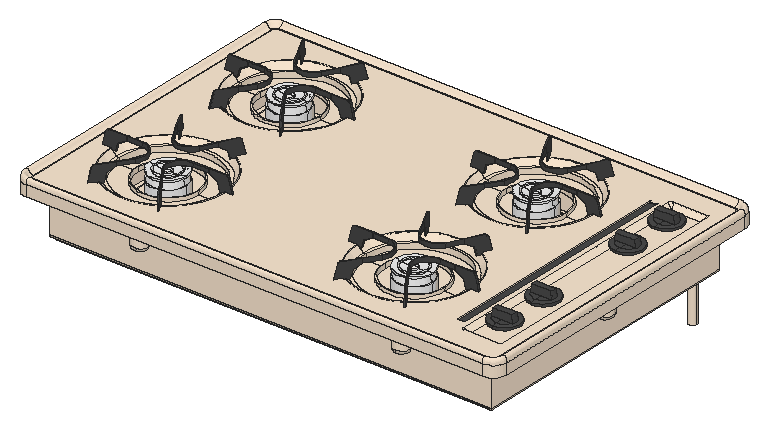
Revit family "QF_Summit_SNL053_Cooktop", category Specialty Equipment, Revit 2020 (continued)
Definition of nested family "Summit_Burner"
  Automatic sketch dimensions
    curve 11 to curve 14 = 0.00146"
    curve 14 to curve 8 = 0.00099"
    curve 8 to curve 9 = 0.00049"
    plane 8 "Center X" to curve 15 = 0.00104"
    curve 8 to curve 15 = 0.0009"
    curve 22 to plane 7 "Center Y" = 0.00467"
    curve 9 to curve 10 = 0.003"
    plane 8 "Center X" to curve 6 = 1/32"
    curve 5 to plane 8 "Center X" = 1/32"
    curve 6 to curve 5 = 0.00426"
    curve 7 to plane 3 "LEFT" = 0.24994"
    curve 10 to curve 15 = 0.00493"
    curve 9 to curve 15 = 0.00185"
    curve 9 to curve 8 = 0.00046"
    plane 8 "Center X" to curve 18 = 0.00072"
    curve 18 to curve 19 = 0.00005"
    curve 31 to curve 11 = 0.00029"
    curve 31 to curve 32 = 0.0001"
    plane 8 "Center X" to curve 26 = 0.00012"
    curve 36 to plane 8 "Center X" = 0"
    curve 37 to plane 8 "Center X" = 0"
    curve 28 to plane 8 "Center X" = 0.00005"
    curve 28 to curve 30 = 0"
    curve 28 to curve 29 = 0"
    curve 37 to curve 23 = 0.00008"
    curve 23 to curve 21 = 0.00002"
    curve 21 to curve 20 = 0.00003"
    curve 30 to curve 16 = 0.00015"
    curve 32 to curve 20 = 0.08532"
    curve 21 to curve 32 = 0.00683"
    curve 31 to curve 21 = 0.0725"
    curve 12 to curve 11 = 0.00194"
    curve 34 to curve 12 = 0.06053"
    curve 33 to curve 12 = 0.06852"
    curve 10 to curve 11 = 0.27562"
    curve 30 to curve 23 = 0.05436"
    curve 35 to curve 10 = 0.05987"
    curve 32 to curve 33 = 0.01816"
    curve 34 to curve 32 = 0.06703"
    curve 31 to curve 34 = 0.0111"
    curve 29 to curve 25 = 0.0546"
    curve 26 to curve 25 = 0.14085"
    curve 36 to curve 9 = 0.05612"
    curve 28 to curve 26 = 0.05462"
    curve 8 to curve 36 = 0.11219"
    curve 37 to curve 8 = 0.0556"
    curve 30 to curve 35 = 0.00104"
    curve 29 to curve 36 = 0.00067"
    curve 28 to curve 37 = 0.00063"
    curve 18 to curve 21 = 0.00535"
    curve 21 to curve 19 = 0.07323"
    curve 11 to curve 12 = 0.0019"
    curve 12 to curve 14 = 0.06051"
    curve 12 to curve 13 = 0.06855"
    curve 11 to curve 10 = 0.3055"
    curve 23 to curve 22 = 0.06833"
    curve 10 to curve 15 = 0.04534"
    curve 13 to curve 18 = 0.01507"
    curve 18 to curve 14 = 0.07001"
    curve 19 to plane 8 "Center X" = 0.08242"
    curve 25 to curve 24 = 0.05466"
    curve 9 to curve 16 = 0.0538"
    curve 26 to curve 27 = 7/128"
    curve 9 to curve 8 = 0.16803"
    curve 8 to curve 17 = 0.04772"
    curve 15 to curve 22 = 0.00203"
    curve 16 to curve 24 = 0.0001"
    curve 17 to curve 27 = 0.00107"
    curve 30 to curve 35 = 0.06245"
    curve 29 to curve 36 = 0.06245"
    curve 28 to curve 37 = 0.06245"
    curve 18 to curve 14 = 0.0297"
    curve 32 to curve 34 = 0.03106"
    curve 12 to curve 34 = 0.04337"
    curve 14 to curve 11 = 0.04324"
    curve 15 to curve 10 = 0.02225"
    curve 16 to curve 9 = 0.03201"
    curve 17 to curve 8 = 0.02894"
    Revolve 1 sketch curve to plane 7 "Center Y" = 0"  (x2)
    Revolve 1 sketch curve to Revolve 1 sketch curve = 0.23333"
    Revolve 1 sketch curve to plane 7 "Center Y" = 0.24695"
    Revolve 1 sketch curve to Revolve 1 sketch curve = 0.51345"
    Revolve 1 sketch curve to Revolve 1 sketch curve = 0.02917"
    Revolve 1 sketch curve to Revolve 1 sketch curve = 0.18246"
    Revolve 1 sketch curve to Revolve 1 sketch curve = 0.07859"
    Revolve 1 sketch curve to Revolve 1 sketch curve = 0.0713"
    Revolve 1 sketch curve to plane 6 "TOP" = 0.50892"
    Revolve 1 sketch curve to Revolve 1 sketch curve = 0.14989"
    Revolve 1 sketch curve to Revolve 1 sketch curve = 0.7"
    Revolve 1 sketch curve to Revolve 1 sketch curve = 0.05833"  (x2)
    plane 3 "LEFT" to Revolve 1 sketch curve = 0.74587"
    Revolve 1 sketch curve to Revolve 1 sketch curve = 0.1959"
    plane 3 "LEFT" to Revolve 1 sketch curve = 1/4"
    Revolve 1 sketch curve to plane 6 "TOP" = 0.53304"
    Revolve 1 sketch curve to Revolve 1 sketch curve = 0.02643"
    Revolve 1 sketch curve to plane 6 "TOP" = 0.8456"
    Revolve 1 sketch curve to Revolve 1 sketch curve = 0"  (x2)
    Revolve 1 sketch curve to Revolve 1 sketch curve = 0.20616"
    Revolve 1 sketch curve to Revolve 1 sketch curve = 1.38136"
    Revolve 1 sketch curve to Revolve 1 sketch curve = 0.0449"
    Revolve 1 sketch curve to Revolve 1 sketch curve = 0.35749"
    Revolve 1 sketch curve to Revolve 1 sketch curve = 0.07043"
    Revolve 1 sketch curve to Revolve 1 sketch curve = 0.03555"
    Revolve 1 sketch curve to Revolve 1 sketch curve = 0.07819"
    Revolve 1 sketch curve to Revolve 1 sketch curve = 0.04006"
    Revolve 1 sketch curve to Revolve 1 sketch curve = 0.01412"
    Revolve 1 sketch curve to Revolve 1 sketch curve = 0.0834"
    Extrusion 2 sketch curve to Extrusion 2 sketch curve = 0"  (x6)
    Extrusion 2 sketch curve to plane 7 "Center Y" = 0"
    plane 7 "Center Y" to Extrusion 2 sketch curve = 0.78533"
    plane 7 "Center Y" to Extrusion 2 sketch curve = 0.79697"
    Extrusion 2 sketch curve to Extrusion 2 sketch curve = 0.05518"  (x4)
    Extrusion 2 sketch curve to Extrusion 2 sketch curve = 0.05181"  (x4)
    Extrusion 2 sketch curve to Extrusion 2 sketch curve = 0.44677"  (x2)
    Extrusion 2 sketch curve to Extrusion 2 sketch curve = 0.54664"  (x2)
    Extrusion 2 sketch curve to plane 8 "Center X" = 1/32"
    Extrusion 2 sketch curve to Extrusion 2 sketch curve = 0.73738"  (x2)
    Extrusion 2 sketch curve to Extrusion 2 sketch curve = 0.95164"  (x2)
    Extrusion 2 sketch curve to plane 7 "Center Y" = 0.78533"
    Extrusion 2 sketch curve to plane 7 "Center Y" = 0.79697"
    plane 8 "Center X" to Extrusion 2 sketch curve = 1/32"
    plane 8 "Center X" to Extrusion 2 sketch curve = 1.39462"
    Extrusion 2 sketch curve to Extrusion 2 sketch curve = 0.02934"
    Extrusion 2 sketch curve to Extrusion 2 sketch curve = 0.41757"
    Extrusion 2 sketch curve to Extrusion 2 sketch curve = 1/16"  (x2)
    Extrusion 2 sketch curve to Extrusion 2 sketch curve = 0.88944"  (x2)
    plane 6 "TOP" to Extrusion 3 sketch curve = 1/4"
    plane 3 "LEFT" to Extrusion 3 sketch curve = 1.21219"
    Extrusion 3 sketch curve to plane 6 "TOP" = 0.05877"
    Extrusion 3 sketch curve to Extrusion 3 sketch curve = 0.53481"
    Extrusion 3 sketch curve to Extrusion 3 sketch curve = 0.12323"
    Extrusion 3 sketch curve to Extrusion 3 sketch curve = 1/4"
    Extrusion 3 sketch curve to Extrusion 3 sketch curve = 0.09613"
    plane 3 "LEFT" to Extrusion 3 sketch curve = 0.16348"
    Extrusion 3 sketch curve to plane 3 "LEFT" = 0.05937"
    Extrusion 3 sketch curve to plane 3 "LEFT" = 0.24994"
    Extrusion 3 sketch curve to plane 6 "TOP" = 0.43845"
    Extrusion 3 sketch curve to Extrusion 3 sketch curve = 0.11457"
    plane 6 "TOP" to Extrusion 3 sketch curve = 0.27032"
    Extrusion 3 sketch curve to Extrusion 3 sketch curve = 0.05556"
    plane 6 "TOP" to Extrusion 4 sketch curve = 1/4"
    Extrusion 4 sketch curve to plane 6 "TOP" = 0.05877"
    Extrusion 4 sketch curve to Extrusion 4 sketch curve = 0.53481"
    Extrusion 4 sketch curve to Extrusion 4 sketch curve = 0.12323"
    Extrusion 4 sketch curve to plane 6 "TOP" = 0.55301"
    Extrusion 4 sketch curve to Extrusion 4 sketch curve = 1/4"
    Extrusion 4 sketch curve to plane 6 "TOP" = 0.43845"
    Extrusion 4 sketch curve to Extrusion 4 sketch curve = 0.09613"
    plane 6 "TOP" to Extrusion 4 sketch curve = 0.27032"
    Extrusion 4 sketch curve to Extrusion 4 sketch curve = 0.5139"
    plane 6 "TOP" to Extrusion 4 sketch curve = 0.32589"
    Extrusion 4 sketch curve to Extrusion 4 sketch curve = 0.22285"
    Extrusion 4 sketch curve to Extrusion 4 sketch curve = 0.45796"
    plane 6 "TOP" to Extrusion 5 sketch curve = 1/4"
    plane 4 "RIGHT" to Extrusion 5 sketch curve = 1.21219"
    Extrusion 5 sketch curve to plane 6 "TOP" = 0.05877"
    Extrusion 5 sketch curve to Extrusion 5 sketch curve = 0.53481"
    Extrusion 5 sketch curve to Extrusion 5 sketch curve = 0.12323"
    Extrusion 5 sketch curve to Extrusion 5 sketch curve = 1/4"
    Extrusion 5 sketch curve to Extrusion 5 sketch curve = 0.09613"
    plane 4 "RIGHT" to Extrusion 5 sketch curve = 0.16348"
    Extrusion 5 sketch curve to plane 4 "RIGHT" = 0.05937"
    Extrusion 5 sketch curve to plane 4 "RIGHT" = 0.24994"
    plane 6 "TOP" to Extrusion 5 sketch curve = 0.27032"
    Extrusion 5 sketch curve to Extrusion 5 sketch curve = 0.05556"
    Extrusion 5 sketch curve to plane 6 "TOP" = 0.43845"
    Extrusion 5 sketch curve to Extrusion 5 sketch curve = 0.11457"
    plane 6 "TOP" to Extrusion 6 sketch curve = 1/4"
    Extrusion 6 sketch curve to plane 6 "TOP" = 0.05877"
    Extrusion 6 sketch curve to Extrusion 6 sketch curve = 0.53481"
    Extrusion 6 sketch curve to Extrusion 6 sketch curve = 0.12323"
    Extrusion 6 sketch curve to plane 6 "TOP" = 0.55301"
    Extrusion 6 sketch curve to Extrusion 6 sketch curve = 1/4"
    Extrusion 6 sketch curve to plane 6 "TOP" = 0.43845"
    Extrusion 6 sketch curve to Extrusion 6 sketch curve = 0.09613"
    plane 6 "TOP" to Extrusion 6 sketch curve = 0.27032"
    Extrusion 6 sketch curve to Extrusion 6 sketch curve = 0.5139"
    plane 6 "TOP" to Extrusion 6 sketch curve = 0.32589"
    Extrusion 6 sketch curve to Extrusion 6 sketch curve = 0.22285"
    Extrusion 6 sketch curve to Extrusion 6 sketch curve = 0.45796"
    plane 6 "TOP" to Extrusion 7 sketch curve = 1/4"
    Extrusion 7 sketch curve to plane 6 "TOP" = 0.05877"
    Extrusion 7 sketch curve to Extrusion 7 sketch curve = 0.53481"
    Extrusion 7 sketch curve to Extrusion 7 sketch curve = 0.12323"
    Extrusion 7 sketch curve to plane 6 "TOP" = 0.55301"
    Extrusion 7 sketch curve to Extrusion 7 sketch curve = 1/4"
    Extrusion 7 sketch curve to plane 6 "TOP" = 0.43845"
    Extrusion 7 sketch curve to Extrusion 7 sketch curve = 0.09613"
    plane 6 "TOP" to Extrusion 7 sketch curve = 0.27032"
    Extrusion 7 sketch curve to Extrusion 7 sketch curve = 0.5139"
    plane 6 "TOP" to Extrusion 7 sketch curve = 0.32589"
    Extrusion 7 sketch curve to Extrusion 7 sketch curve = 0.22285"
    Extrusion 7 sketch curve to Extrusion 7 sketch curve = 0.45796"
    plane 6 "TOP" to Extrusion 8 sketch curve = 1/4"
    Extrusion 8 sketch curve to plane 6 "TOP" = 0.05877"
    Extrusion 8 sketch curve to Extrusion 8 sketch curve = 0.53481"
    Extrusion 8 sketch curve to Extrusion 8 sketch curve = 0.12323"
    Extrusion 8 sketch curve to plane 6 "TOP" = 0.55301"
    Extrusion 8 sketch curve to Extrusion 8 sketch curve = 1/4"
    Extrusion 8 sketch curve to plane 6 "TOP" = 0.43845"
    Extrusion 8 sketch curve to Extrusion 8 sketch curve = 0.09613"
    plane 6 "TOP" to Extrusion 8 sketch curve = 0.27032"
    Extrusion 8 sketch curve to Extrusion 8 sketch curve = 0.5139"
    plane 6 "TOP" to Extrusion 8 sketch curve = 0.32589"
    Extrusion 8 sketch curve to Extrusion 8 sketch curve = 0.22285"
    Extrusion 8 sketch curve to Extrusion 8 sketch curve = 0.45796"
    curve 38 to curve 10 = 0.09124"
    curve 39 to curve 38 = 0.05181"
    curve 40 to curve 41 = 0.03495"
    curve 42 to plane 5 "FRONT" = 0.2744"
    curve 10 to curve 43 = 0.11316"
    curve 43 to curve 44 = 0"
    curve 44 to curve 43 = 0.05181"
    curve 45 to curve 9 = 0.5693"
    curve 45 to curve 46 = 0.03495"
    plane 8 "Center X" to curve 49 = 1/32"
    curve 49 to plane 4 "RIGHT" = 0.24994"
    curve 50 to plane 5 "FRONT" = 0.2744"
    curve 45 to curve 50 = 0.05181"
    curve 49 to plane 8 "Center X" = 1/32"
    curve 25 to curve 26 = 0.14084"
    curve 26 to curve 27 = 0.03027"
    curve 23 to curve 30 = 0.03089"
    curve 21 to curve 31 = 0.03066"
    curve 20 to curve 18 = 0.08679"
    curve 21 to curve 32 = 0.07353"
    curve 20 to curve 32 = 0.03085"
    curve 30 to curve 51 = 0.12572"
    curve 51 to curve 23 = 0.07139"
    curve 51 to curve 52 = 0.05518"
    curve 52 to curve 51 = 0.05518"
    curve 56 to curve 55 = 0.05518"
    plane 1 "BACK" to curve 57 = 0.1948"
    plane 1 "BACK" to curve 54 = 0.1948"
    radius of curve 2 = 0.80512"
    radius of curve 3 = 0.74678"
    radius of curve 4 = 0.23333"
